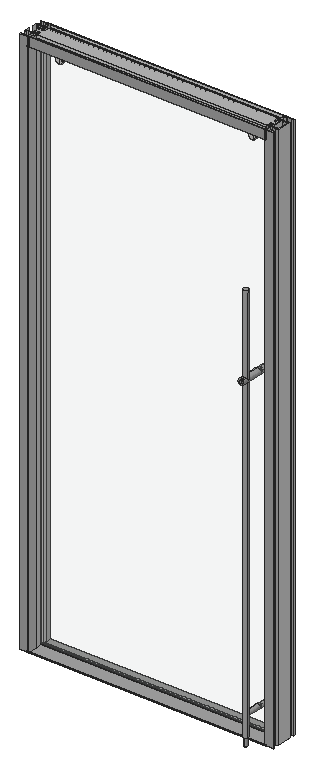
Revit family "Doors_Sliding_Avanti_Systems_Cloud-Eclipse-Sliding-Glass-Pocket-Doors_Solid-wall", category Doors, host Wall, Revit 2022 (continued)
Definition of nested family "Handle"
  Definition of nested family "Hinged Framed Swing locker"
    Automatic sketch dimensions
      plane 25 to Extrusion 13 sketch curve = 0.32895"
      Extrusion 13 sketch curve to Extrusion 13 sketch curve = 0.14346"
      plane 25 to Extrusion 13 sketch curve = 0.11187"
      plane 3 "Center (Left/Right)" to Extrusion 13 sketch curve = 0.28149"
      plane 27 to Extrusion 14 sketch curve = 1.04735"
      Extrusion 14 sketch curve to plane 26 = 0.06323"
      Extrusion 14 sketch curve to plane 26 = 0.05213"
      Extrusion 14 sketch curve to plane 16 = 0.02652"
      Extrusion 14 sketch curve to Extrusion 14 sketch curve = 0.09753"
      Extrusion 14 sketch curve to Extrusion 14 sketch curve = 0.1137"
      plane 24 to curve 1 = 5/256"
      plane 25 to curve 1 = 0.32895"
      plane 3 "Center (Left/Right)" to curve 1 = 91/256"
      radius of Extrusion 4 sketch curve = 0.63654"
      radius of Extrusion 4 sketch curve = 0.60041"
      radius of Extrusion 5 sketch curve = 0.60041"
      radius of Blend 6 sketch curve = 0.21605"
      radius of Blend 6 sketch curve = 0.19257"
      radius of Extrusion 7 sketch curve = 91/256"
      radius of Extrusion 11 sketch curve = 91/256"
  Definition of nested family "Handle_For-Glass_Rounded_600mm"
    Parameters (values of type "Handle_For-Glass_Rounded_600mm")
      Handle Material [instance] = none
      Handle Height [instance] = 48"  # constant formula
      Default Elevation = 48"
    Reference planes (in)
      plane 1 "Center (Front/Back)": y = 0
      plane 2: z = 26.93599
      plane 3 "Center (Left/Right)": x = 0
      plane 4: z = 0
      plane 5: z = -2.66749
      plane 6: y = -28.44876
      plane 7: y = 14.63423
      plane 8: y = -33.36577
    Forms (in)
      Sweep 1, solid, material <- "Handle Material"
        path origin (0, -17.24158, 0) x (0, 0, 1) y (0, -1, 0)
          loop
            line (-2.10925, 11.20718) -> (0, 11.20718)
        profile origin (0, -28.44876, 0) x (0, -1, 0) y (1, 0, 0)
          loop
            circle (0, 0) r 0.3125
      Sweep 2, solid, material <- "Handle Material"
        path origin (0, 10.76459, 0) x (0, 0, 1) y (0, -1, 0)
          loop
            line (-2.30394, 1.07019) -> (0, 1.07019)
        profile origin (0, 9.69441, 0) x (0, -1, 0) y (1, 0, 0)
          loop
            circle (0, 0) r 0.3125
      Extrusion 3, solid, material <- "Handle Material"
        sketch origin (0, -17.24158, 0) x (1, 0, 0) y (0, 0, -1)
          loop
            circle (0, 2.27257) r 0.39445
        from -16.12419 to 31.87581
    Dimensions and locks (in)
      locked: plane 8 to plane 6 at 4.91701
      "Handle Height": plane 7 to plane 8
      aligned and locked: plane 7 to Extrusion 3
      aligned and locked: Extrusion 3 to plane 8
  Definition of nested family "Handle_For-Glass_Rounded_60in"
    Parameters (values of type "60"")
      No locker [instance] = yes
      Locker [instance] = yes
      Handle Material [instance] = none
      Handle Height [instance] = 60"  # constant formula
      Default Elevation = 0"
    Reference planes (in)
      plane 1 "Center (Front/Back)": y = 0
      plane 2: z = 19.87581
      plane 3 "Center (Left/Right)": x = 0
      plane 4: z = 2.66749
      plane 5: y = -36.97039
      plane 6: z = 0
      plane 7: y = 20.02961
      plane 8: y = -39.97039
    Forms (in)
      Sweep 1, solid, material <- "Handle Material"
        path origin (0, -11.8462, 0) x (0, 0, -1) y (0, 1, 0)
          loop
            line (-2.10925, -25.12419) -> (0, -25.12419)
        profile origin (0, -36.97039, 0) x (1, 0, 0) y (0, 1, 0)
          loop
            circle (0, 0) r 0.3125
      Sweep 2, solid, material <- "Handle Material"
        path origin (0, 16.15997, 0) x (0, 0, -1) y (0, 1, 0)
          loop
            line (-3.10757, -8.13036) -> (0, -8.13036)
        profile origin (0, 8.02961, 0) x (1, 0, 0) y (0, 1, 0)
          loop
            circle (0, 0) r 0.4375
      Extrusion 3, solid, material <- "Handle Material"
        sketch origin (0, -11.8462, 0) x (1, 0, 0) y (0, 0, -1)
          loop
            circle (0, -2.27257) r 0.39445
        from -28.12419 to 31.87581
      Revolve 4, solid, material <- "Handle Material"
        sketch origin (0, -11.8462, 0) x (0, 0, -1) y (0, 1, 0)
          loop
            line (-3.10757, 20.0489) -> (-3.19084, 20.0489) -> (-3.19084, 19.87581) -> (-3.10757, 19.87581) -> (-3.10757, 20.0489)
          axis (-3.10757, 19.87581) -> (-3.19084, 19.87581)
        angle from 0 to 360
      Extrusion 5, solid, material <- "Handle Material", visible <- "Locker"
        sketch origin (0, -11.8462, 0) x (0, 0, -1) y (0, 1, 0)
          loop
            line (-3.19084, 19.98905) -> (-3.34908, 19.98905)
            arc (-3.34908, 19.98905) -> (-3.37904, 19.97664) -> (-3.39145, 19.94668) r 0.04237
            line (-3.39145, 19.94668) -> (-3.39145, 19.80495)
            arc (-3.39145, 19.80495) -> (-3.37904, 19.77499) -> (-3.34908, 19.76258) r 0.04237
            line (-3.34908, 19.76258) -> (-3.19084, 19.76258) -> (-3.19084, 19.98905)
        from -0.03592 to 0.03621
      Revolve 6, solid, material <- "Handle Material", visible <- "No locker"
        sketch origin (0, -11.62359, 0) x (0, 0, -1) y (0, 1, 0)
          loop
            line (-3.10757, 20.0489) -> (-3.20833, 20.0489) -> (-3.20833, 19.87581) -> (-3.10757, 19.87581) -> (-3.10757, 20.0489)
          axis (-3.10757, 19.87581) -> (-3.20833, 19.87581)
        angle from 0 to 360
      Revolve 7, solid, material <- "Handle Material", visible <- "Locker"
        sketch origin (0, -11.8462, 0) x (0, 0, -1) y (0, 1, 0)
          loop
            line (-2.27257, -28.12419) -> (-2.50833, -28.12419) -> (-2.50833, -29.32199) -> (-2.41048, -29.49919) -> (-2.27257, -29.49919) -> (-2.27257, -28.12419)
          axis (-2.27257, -28.12419) -> (-2.27257, -29.49919)
        angle from 0 to 360
    Lines and regions (in)
      reference lines
        curve 1: line (0, -40.47039, 2.66749) -> (0, -40.47039, 0)
    Dimensions and locks (in)
      locked: plane 8 to plane 5 at 3
      "Handle Height": plane 7 to plane 8
      aligned and locked: Extrusion 3 to plane 7
      aligned and locked: Extrusion 3 to plane 8
      aligned and locked: Sweep 1 sketch curve to plane 5
  Definition of nested family "Handle_For-Glass_Rounded_60in2"
    Parameters (values of type "60"")
      No locker [instance] = yes
      Locker [instance] = yes
      Handle Material [instance] = none
      Handle Height [instance] = 60"  # constant formula
      Default Elevation = 0"
    Reference planes (in)
      plane 1 "Center (Front/Back)": y = 0
      plane 2: z = 19.87581
      plane 3 "Center (Left/Right)": x = 0
      plane 4: y = -36.97039
      plane 5: z = 0
      plane 6: y = 20.02961
      plane 7: y = -39.97039
      plane 8: z = -2.66749
    Forms (in)
      Sweep 1, solid, material <- "Handle Material"
        path origin (0, -11.8462, 0) x (0, 0, 1) y (0, 1, 0)
          loop
            line (-2.10925, -25.12419) -> (0, -25.12419)
        profile origin (0, -36.97039, 0) x (0, -1, 0) y (1, 0, 0)
          loop
            circle (0, 0) r 0.3125
      Sweep 2, solid, material <- "Handle Material"
        path origin (0, 16.15997, 0) x (0, 0, 1) y (0, 1, 0)
          loop
            line (-3.10757, -8.13036) -> (0, -8.13036)
        profile origin (0, 8.02961, 0) x (0, -1, 0) y (1, 0, 0)
          loop
            circle (0, 0) r 0.4375
      Extrusion 3, solid, material <- "Handle Material"
        sketch origin (0, -11.8462, 0) x (1, 0, 0) y (0, 0, -1)
          loop
            circle (0, 2.27257) r 0.39445
        from -28.12419 to 31.87581
      Revolve 4, solid, material <- "Handle Material"
        sketch origin (0, -11.8462, 0) x (0, 0, 1) y (0, 1, 0)
          loop
            line (-3.10757, 20.0489) -> (-3.19084, 20.0489) -> (-3.19084, 19.87581) -> (-3.10757, 19.87581) -> (-3.10757, 20.0489)
          axis (-3.10757, 19.87581) -> (-3.19084, 19.87581)
        angle from 0 to 360
      Extrusion 5, solid, material <- "Handle Material", visible <- "Locker"
        sketch origin (0, -11.8462, 0) x (0, 0, 1) y (0, -1, 0)
          loop
            line (-3.19084, -19.98905) -> (-3.19084, -19.76258) -> (-3.34908, -19.76258)
            arc (-3.34908, -19.76258) -> (-3.37904, -19.77499) -> (-3.39145, -19.80495) r 0.04237
            line (-3.39145, -19.80495) -> (-3.39145, -19.94668)
            arc (-3.39145, -19.94668) -> (-3.37904, -19.97664) -> (-3.34908, -19.98905) r 0.04237
            line (-3.34908, -19.98905) -> (-3.19084, -19.98905)
        from -0.03592 to 0.03621
      Revolve 6, solid, material <- "Handle Material", visible <- "No locker"
        sketch origin (0, -11.62359, 0) x (0, 0, 1) y (0, 1, 0)
          loop
            line (-3.10757, 20.0489) -> (-3.20833, 20.0489) -> (-3.20833, 19.87581) -> (-3.10757, 19.87581) -> (-3.10757, 20.0489)
          axis (-3.10757, 19.87581) -> (-3.20833, 19.87581)
        angle from 0 to 360
      Revolve 7, solid, material <- "Handle Material", visible <- "Locker"
        sketch origin (0, -11.8462, 0) x (0, 0, 1) y (0, 1, 0)
          loop
            line (-2.27257, -28.12419) -> (-2.50833, -28.12419) -> (-2.50833, -29.32199) -> (-2.41048, -29.49919) -> (-2.27257, -29.49919) -> (-2.27257, -28.12419)
          axis (-2.27257, -28.12419) -> (-2.27257, -29.49919)
        angle from 0 to 360
    Lines and regions (in)
      reference lines
        curve 1: line (0, -40.47039, -2.66749) -> (0, -40.47039, 0)
    Dimensions and locks (in)
      locked: plane 7 to plane 4 at 3
      "Handle Height": plane 6 to plane 7
Definition of nested family "Door Frame Top"
  Parameters (values of type "Family6")
    Thicness = 0.40895"
  Reference planes (in)
    plane 1 "Center (Front/Back)": y = 0
    plane 2: z = 0
    plane 3 "Center (Left/Right)": x = 0
  Lines and regions (in)
    model lines, in view "Ref. Level"
      curve 1: line (-0.20447, -2.30717, 0) -> (0.20447, -2.30717, 0)
      curve 2: line (-0.20447, -3.06561, 0) -> (0.20447, -3.06561, 0)
      curve 19: line (-0.22962, -0.81275, 0) -> (-0.27284, -0.81275, 0)
      curve 20: line (-0.27284, -0.81275, 0) -> (-0.27284, -0.48108, 0)
      curve 21: line (-0.27284, -0.48108, 0) -> (-0.52448, -0.54896, 0)
      curve 22: line (-0.52448, -0.54896, 0) -> (-0.52448, -1.49724, 0)
      curve 23: line (-0.52448, -1.49724, 0) -> (-0.27284, -1.56286, 0)
      curve 24: line (-0.27284, -1.56286, 0) -> (-0.27284, -1.34008, 0)
      curve 25: line (-0.27284, -1.34008, 0) -> (-0.22962, -1.34008, 0)
      curve 26: line (0.24634, -1.34008, 0) -> (0.30501, -1.34008, 0)
      curve 27: line (0.30501, -1.34008, 0) -> (0.30501, -1.56286, 0)
      curve 28: line (0.30501, -1.56286, 0) -> (0.53753, -1.49724, 0)
      curve 29: line (0.53753, -1.49724, 0) -> (0.53753, -0.53073, 0)
      curve 30: line (0.53753, -0.53073, 0) -> (0.30501, -0.48414, 0)
      curve 31: line (0.30501, -0.48414, 0) -> (0.30501, -0.81275, 0)
      curve 32: line (0.30501, -0.81275, 0) -> (0.24634, -0.81275, 0)
      curve 33: line (-0.27284, -0.81275, 0) -> (-0.27284, -1.34008, 0)
      curve 34: line (0.30501, -0.81275, 0) -> (0.30501, -1.34008, 0)
      curve 35: line (0.09462, -2.30717, 0) -> (0.09462, -1.13755, 0)
      curve 36: line (0.09462, -1.0244, 0) -> (0.09462, -0.51808, 0)
      curve 37: line (-0.08847, -2.30717, 0) -> (-0.08847, -1.13755, 0)
      curve 38: line (-0.08847, -1.0244, 0) -> (-0.08847, -0.51808, 0)
      curve 39: arc (1.87632, -0.00189, 0) -> (1.86415, -0.00603, 0) -> (1.857, -0.01672, 0) r 0.02
      curve 40: arc (2.01041, -0.02189, 0) -> (2.00456, -0.00775, 0) -> (1.99041, -0.00189, 0) r 0.02
      curve 41: arc (1.99824, -1.30307, 0) -> (2.00709, -1.2957, 0) -> (2.01041, -1.28466, 0) r 0.02
      curve 42: arc (1.93041, -1.08302, 0) -> (1.94456, -1.07716, 0) -> (1.95041, -1.06302, 0) r 0.02
      curve 43: arc (1.93824, -1.26339, 0) -> (1.94709, -1.25602, 0) -> (1.95041, -1.24498, 0) r 0.02
      curve 44: arc (1.95041, -0.34496, 0) -> (1.94628, -0.33278, 0) -> (1.93559, -0.32564, 0) r 0.02
      curve 45: arc (1.79021, -0.26598, 0) -> (1.79221, -0.28116, 0) -> (1.80436, -0.29048, 0) r 0.02
      curve 46: arc (1.13647, -0.29048, 0) -> (1.14861, -0.28116, 0) -> (1.15061, -0.26598, 0) r 0.02
      curve 47: arc (1.08332, -0.01482, 0) -> (1.07617, -0.00413, 0) -> (1.064, 0, 0) r 0.02
      curve 48: arc (1.13647, -0.29048, 0) -> (1.14861, -0.28116, 0) -> (1.15061, -0.26598, 0) r 0.02
      curve 49: arc (1.02494, -0.32036, 0) -> (1.00399, -0.33409, 0) -> (0.99531, -0.35759, 0) r 0.04
      curve 50: arc (0.99531, -0.35759, 0) -> (0.99671, -0.36566, 0) -> (1.00122, -0.37249, 0) r 0.02
      curve 51: arc (0.93029, -0.27603, 0) -> (0.95785, -0.24854, 0) -> (0.93029, -0.22104, 0) r 0.0275
      curve 52: arc (0.91868, -0.27603, 0) -> (0.90849, -0.27882, 0) -> (0.90114, -0.28641, 0) r 0.02
      curve 53: arc (0.77041, -1.68025, 0) -> (0.78456, -1.67439, 0) -> (0.79041, -1.66025, 0) r 0.02
      curve 54: arc (0.85041, -1.66025, 0) -> (0.85627, -1.67439, 0) -> (0.87041, -1.68025, 0) r 0.02
      curve 55: arc (1.95041, -1.16302, 0) -> (1.94456, -1.14888, 0) -> (1.93041, -1.14302, 0) r 0.02
      curve 56: arc (1.10343, -1.06302, 0) -> (1.10929, -1.07716, 0) -> (1.12343, -1.08302, 0) r 0.02
      curve 57: arc (0.96942, -1.23854, 0) -> (0.86876, -1.16134, 0) -> (0.94544, -1.2624, 0) r 0.064
      curve 58: arc (0.87645, -1.32492, 0) -> (0.92681, -1.33004, 0) -> (0.97501, -1.31461, 0) r 0.124
      curve 59: arc (1.02148, -1.26838, 0) -> (1.0372, -1.21985, 0) -> (1.03206, -1.16909, 0) r 0.124
      curve 60: arc (0.82787, -1.11741, 0) -> (0.7977, -1.16343, 0) -> (0.79041, -1.21798, 0) r 0.124
      curve 61: arc (0.82787, -1.11741, 0) -> (0.83254, -1.09552, 0) -> (0.814, -1.083, 0) r 0.02
      curve 62: arc (1.05111, -1.14302, 0) -> (1.03497, -1.15122, 0) -> (1.03206, -1.16909, 0) r 0.02
      curve 63: arc (0.87645, -1.32492, 0) -> (0.8586, -1.32785, 0) -> (0.85041, -1.34399, 0) r 0.02
      curve 64: arc (1.10343, -0.53267, 0) -> (1.09757, -0.51853, 0) -> (1.08343, -0.51267, 0) r 0.02
      curve 65: arc (0.94544, -0.51623, 0) -> (0.96959, -0.429, 0) -> (0.88236, -0.40485, 0) r 0.064
      curve 66: arc (0.85838, -0.42871, 0) -> (0.86853, -0.50567, 0) -> (0.94544, -0.51623, 0) r 0.064
      curve 67: arc (1.03477, -0.48821, 0) -> (1.03299, -0.426, 0) -> (1.00122, -0.37249, 0) r 0.124
      curve 68: arc (1.03477, -0.48821, 0) -> (1.03863, -0.50514, 0) -> (1.05427, -0.51267, 0) r 0.02
      curve 69: arc (0.80632, -0.39887, 0) -> (0.80584, -0.52135, 0) -> (0.91079, -0.5845, 0) r 0.124
      curve 70: arc (0.93029, -0.60449, 0) -> (0.92461, -0.59053, 0) -> (0.91079, -0.5845, 0) r 0.02
      curve 71: arc (1.29509, -1.39822, 0) -> (1.31234, -1.52389, 0) -> (1.32892, -1.39813, 0) r 0.064
      curve 72: arc (1.27909, -1.34039, 0) -> (1.19346, -1.42406, 0) -> (1.21848, -1.54113, 0) r 0.124
      curve 73: arc (1.2112, -1.57263, 0) -> (1.22286, -1.55873, 0) -> (1.21848, -1.54113, 0) r 0.02
      curve 74: arc (1.43567, -1.44875, 0) -> (1.40717, -1.3802, 0) -> (1.34463, -1.34022, 0) r 0.124
      curve 75: arc (1.43567, -1.44875, 0) -> (1.44532, -1.46411, 0) -> (1.46342, -1.46535, 0) r 0.02
      curve 76: arc (0.96634, -1.74025, 0) -> (0.97033, -1.73985, 0) -> (0.97416, -1.73866, 0) r 0.02
      curve 77: arc (0.95411, -1.68025, 0) -> (0.9581, -1.67985, 0) -> (0.96193, -1.67866, 0) r 0.02
      curve 78: arc (-0.90946, -1.00271, 0) -> (-0.9036, -1.01685, 0) -> (-0.88946, -1.02271, 0) r 0.02
      curve 79: arc (-1.83618, -0.01672, 0) -> (-1.84332, -0.00603, 0) -> (-1.8555, -0.00189, 0) r 0.02
      curve 80: arc (-1.96959, -0.00189, 0) -> (-1.98373, -0.00775, 0) -> (-1.98959, -0.02189, 0) r 0.02
      curve 81: arc (-1.98959, -1.28466, 0) -> (-1.98627, -1.2957, 0) -> (-1.97742, -1.30307, 0) r 0.02
      curve 82: arc (-1.92959, -1.06302, 0) -> (-1.92373, -1.07716, 0) -> (-1.90959, -1.08302, 0) r 0.02
      curve 83: arc (-1.92959, -1.24498, 0) -> (-1.92627, -1.25602, 0) -> (-1.91742, -1.26339, 0) r 0.02
      curve 84: arc (-1.91476, -0.32564, 0) -> (-1.92545, -0.33278, 0) -> (-1.92959, -0.34496, 0) r 0.02
      curve 85: arc (-1.78353, -0.29048, 0) -> (-1.77139, -0.28116, 0) -> (-1.76939, -0.26598, 0) r 0.02
      curve 86: arc (-1.12979, -0.26598, 0) -> (-1.12779, -0.28116, 0) -> (-1.11564, -0.29048, 0) r 0.02
      curve 87: arc (-1.04317, 0, 0) -> (-1.05535, -0.00413, 0) -> (-1.06249, -0.01482, 0) r 0.02
      curve 88: arc (-1.12979, -0.26598, 0) -> (-1.12779, -0.28116, 0) -> (-1.11564, -0.29048, 0) r 0.02
      curve 89: arc (-0.97449, -0.35759, 0) -> (-0.98316, -0.33409, 0) -> (-1.00411, -0.32036, 0) r 0.04
      curve 90: arc (-0.98039, -0.37249, 0) -> (-0.97588, -0.36566, 0) -> (-0.97449, -0.35759, 0) r 0.02
      curve 91: arc (-0.90946, -0.22104, 0) -> (-0.93703, -0.24854, 0) -> (-0.90946, -0.27603, 0) r 0.0275
      curve 92: arc (-0.88031, -0.28641, 0) -> (-0.88766, -0.27882, 0) -> (-0.89785, -0.27603, 0) r 0.02
      curve 93: arc (-1.90959, -1.14302, 0) -> (-1.92373, -1.14888, 0) -> (-1.92959, -1.16302, 0) r 0.02
      curve 94: arc (-1.1026, -1.08302, 0) -> (-1.08846, -1.07716, 0) -> (-1.0826, -1.06302, 0) r 0.02
      curve 95: arc (-0.92461, -1.2624, 0) -> (-0.84794, -1.16134, 0) -> (-0.9486, -1.23854, 0) r 0.064
      curve 96: arc (-0.95418, -1.31461, 0) -> (-0.90598, -1.33004, 0) -> (-0.85563, -1.32492, 0) r 0.124
      curve 97: arc (-1.01123, -1.16909, 0) -> (-1.01638, -1.21985, 0) -> (-1.00065, -1.26838, 0) r 0.124
      curve 98: arc (-0.76959, -1.21798, 0) -> (-0.77693, -1.16327, 0) -> (-0.80729, -1.11717, 0) r 0.124
      curve 99: arc (-0.79261, -1.08274, 0) -> (-0.81185, -1.09488, 0) -> (-0.80729, -1.11717, 0) r 0.02
      curve 100: arc (-1.01123, -1.16909, 0) -> (-1.01414, -1.15122, 0) -> (-1.03029, -1.14302, 0) r 0.02
      curve 101: arc (-0.82959, -1.34399, 0) -> (-0.83777, -1.32785, 0) -> (-0.85563, -1.32492, 0) r 0.02
      curve 102: arc (-1.0626, -0.51267, 0) -> (-1.07674, -0.51853, 0) -> (-1.0826, -0.53267, 0) r 0.02
      curve 103: arc (-0.86153, -0.40485, 0) -> (-0.94876, -0.429, 0) -> (-0.92461, -0.51623, 0) r 0.064
      curve 104: arc (-0.92461, -0.51623, 0) -> (-0.8477, -0.50567, 0) -> (-0.83755, -0.42871, 0) r 0.064
      curve 105: arc (-0.98039, -0.37249, 0) -> (-1.01217, -0.426, 0) -> (-1.01395, -0.48821, 0) r 0.124
      curve 106: arc (-1.03344, -0.51267, 0) -> (-1.0178, -0.50514, 0) -> (-1.01395, -0.48821, 0) r 0.02
      curve 107: arc (-0.88996, -0.5845, 0) -> (-0.78501, -0.52135, 0) -> (-0.7855, -0.39887, 0) r 0.124
      curve 108: arc (-0.88996, -0.5845, 0) -> (-0.90378, -0.59053, 0) -> (-0.90946, -0.60449, 0) r 0.02
      curve 109: arc (-1.3081, -1.39813, 0) -> (-1.29151, -1.52389, 0) -> (-1.27427, -1.39822, 0) r 0.064
      curve 110: arc (-1.19766, -1.54113, 0) -> (-1.17264, -1.42406, 0) -> (-1.25826, -1.34039, 0) r 0.124
      curve 111: arc (-1.19766, -1.54113, 0) -> (-1.20203, -1.55873, 0) -> (-1.19037, -1.57263, 0) r 0.02
      curve 112: arc (-1.3238, -1.34022, 0) -> (-1.38635, -1.3802, 0) -> (-1.41484, -1.44875, 0) r 0.124
      curve 113: arc (-1.44259, -1.46535, 0) -> (-1.42449, -1.46411, 0) -> (-1.41484, -1.44875, 0) r 0.02
      curve 114: arc (-0.95334, -1.73866, 0) -> (-0.9495, -1.73985, 0) -> (-0.94551, -1.74025, 0) r 0.02
      curve 115: arc (-0.76959, -1.66025, 0) -> (-0.76373, -1.67439, 0) -> (-0.74959, -1.68025, 0) r 0.02
      curve 116: arc (-0.84959, -1.68025, 0) -> (-0.83544, -1.67439, 0) -> (-0.82959, -1.66025, 0) r 0.02
      curve 117: arc (-0.94111, -1.67866, 0) -> (-0.93727, -1.67985, 0) -> (-0.93328, -1.68025, 0) r 0.02
      curve 118: arc (-0.88946, -0.06383, 0) -> (-0.9036, -0.06969, 0) -> (-0.90946, -0.08383, 0) r 0.02
      curve 119: arc (0.93029, -0.08383, 0) -> (0.92443, -0.06969, 0) -> (0.91029, -0.06383, 0) r 0.02
      curve 120: arc (0.91029, -1.02302, 0) -> (0.92443, -1.01716, 0) -> (0.93029, -1.00302, 0) r 0.02
      curve 121: line (0.93029, -1.00302, 0) -> (0.93029, -0.60449, 0)
      curve 122: line (0.93029, -0.08383, 0) -> (0.93029, -0.22104, 0)
      curve 123: line (0.93029, -0.22104, 0) -> (0.93029, -0.1406, 0)
      curve 124: line (1.95041, -0.42836, 0) -> (1.95041, -0.3603, 0)
      curve 125: line (1.87632, -0.00189, 0) -> (1.99041, -0.00189, 0)
      curve 126: line (2.01041, -0.02189, 0) -> (2.01041, -1.28466, 0)
      curve 127: line (1.95041, -0.34496, 0) -> (1.95041, -1.06302, 0)
      curve 128: line (1.95041, -1.16302, 0) -> (1.95041, -1.24498, 0)
      curve 129: line (1.79021, -0.26598, 0) -> (1.81613, -0.16925, 0)
      curve 130: line (1.81613, -0.16925, 0) -> (1.8566, -0.18024, 0)
      curve 131: line (1.8566, -0.18024, 0) -> (1.84108, -0.2382, 0)
      curve 132: line (1.84108, -0.2382, 0) -> (1.90096, -0.25424, 0)
      curve 133: line (1.90096, -0.25424, 0) -> (1.9579, -0.04174, 0)
      curve 134: line (1.9579, -0.04174, 0) -> (1.89802, -0.02569, 0)
      curve 135: line (1.89802, -0.02569, 0) -> (1.88249, -0.08365, 0)
      curve 136: line (1.88249, -0.08365, 0) -> (1.84198, -0.0728, 0)
      curve 137: line (1.84198, -0.0728, 0) -> (1.857, -0.01672, 0)
      curve 138: line (1.93559, -0.32564, 0) -> (1.80436, -0.29048, 0)
      curve 139: line (1.15061, -0.26598, 0) -> (1.12469, -0.16925, 0)
      curve 140: line (1.08332, -0.01482, 0) -> (1.09885, -0.0728, 0)
      curve 141: line (1.09885, -0.0728, 0) -> (1.05834, -0.08365, 0)
      curve 142: line (1.05834, -0.08365, 0) -> (1.04281, -0.02569, 0)
      curve 143: line (1.04281, -0.02569, 0) -> (0.98292, -0.04174, 0)
      curve 144: line (0.98292, -0.04174, 0) -> (1.03986, -0.25424, 0)
      curve 145: line (1.03986, -0.25424, 0) -> (1.09975, -0.2382, 0)
      curve 146: line (1.09975, -0.2382, 0) -> (1.08422, -0.18024, 0)
      curve 147: line (1.08422, -0.18024, 0) -> (1.12469, -0.16925, 0)
      curve 148: line (1.02494, -0.32036, 0) -> (1.13647, -0.29048, 0)
      curve 149: line (0.95029, 0, 0) -> (1.064, 0, 0)
      curve 150: line (0.93029, -0.27603, 0) -> (0.91868, -0.27603, 0)
      curve 151: line (0.79041, -1.19544, 0) -> (0.79041, -1.66025, 0)
      curve 152: line (0.85041, -1.34399, 0) -> (0.85041, -1.66025, 0)
      curve 153: line (1.93041, -1.14302, 0) -> (1.05111, -1.14302, 0)
      curve 154: line (1.93041, -1.08302, 0) -> (1.32794, -1.08302, 0)
      curve 155: line (1.32794, -1.08302, 0) -> (1.31217, -1.09897, 0)
      curve 156: line (1.31217, -1.09897, 0) -> (1.2964, -1.08302, 0)
      curve 157: line (1.2964, -1.08302, 0) -> (1.12343, -1.08302, 0)
      curve 158: line (1.10343, -1.00311, 0) -> (1.06343, -1.00311, 0)
      curve 159: line (1.06343, -1.00311, 0) -> (1.05943, -1.08302, 0)
      curve 160: line (1.05943, -1.08302, 0) -> (0.99943, -1.08302, 0)
      curve 161: line (0.99943, -1.08302, 0) -> (0.99943, -0.57267, 0)
      curve 162: line (0.99943, -0.57267, 0) -> (1.06343, -0.57667, 0)
      curve 163: line (1.06343, -0.57667, 0) -> (1.06343, -0.65267, 0)
      curve 164: line (1.10343, -0.53267, 0) -> (1.10343, -0.65267, 0)
      curve 165: line (1.10343, -0.65267, 0) -> (1.06343, -0.65267, 0)
      curve 166: line (1.10343, -1.06302, 0) -> (1.10343, -1.00311, 0)
      curve 167: line (1.10343, -1.00311, 0) -> (1.10343, -1.06302, 0)
      curve 168: line (1.08343, -0.51267, 0) -> (1.05427, -0.51267, 0)
      curve 169: line (0.96942, -1.23854, 0) -> (1.02148, -1.26838, 0)
      curve 170: line (0.94544, -1.2624, 0) -> (0.97501, -1.31461, 0)
      curve 171: line (0.80632, -0.39887, 0) -> (0.85838, -0.42871, 0)
      curve 172: line (0.90114, -0.28641, 0) -> (0.85279, -0.35264, 0)
      curve 173: line (0.85279, -0.35264, 0) -> (0.88236, -0.40485, 0)
      curve 174: line (1.32892, -1.39813, 0) -> (1.34463, -1.34022, 0)
      curve 175: line (1.29509, -1.39822, 0) -> (1.27909, -1.34039, 0)
      curve 176: line (0.96634, -1.74025, 0) -> (0.71041, -1.74025, 0)
      curve 177: line (0.71041, -1.74025, 0) -> (0.71041, -1.68025, 0)
      curve 178: line (0.71041, -1.68025, 0) -> (0.77041, -1.68025, 0)
      curve 179: line (0.87041, -1.68025, 0) -> (0.95411, -1.68025, 0)
      curve 180: line (0.97416, -1.73866, 0) -> (1.99824, -1.30307, 0)
      curve 181: line (0.96193, -1.67866, 0) -> (1.2112, -1.57263, 0)
      curve 182: line (1.46342, -1.46535, 0) -> (1.93824, -1.26339, 0)
      curve 183: line (-0.90946, -1.00271, 0) -> (-0.90946, -0.60449, 0)
      curve 184: line (-0.90946, -0.08383, 0) -> (-0.90946, -0.22104, 0)
      curve 185: line (-0.90946, -0.22104, 0) -> (-0.90946, -0.1406, 0)
      curve 186: line (-1.92959, -0.42836, 0) -> (-1.92959, -0.3603, 0)
      curve 187: line (-1.8555, -0.00189, 0) -> (-1.96959, -0.00189, 0)
      curve 188: line (-1.98959, -0.02189, 0) -> (-1.98959, -1.28466, 0)
      curve 189: line (0.91029, -1.02302, 0) -> (0.71041, -1.02302, 0)
      curve 190: line (0.71041, -1.02302, 0) -> (0.71041, -1.08299, 0)
      curve 191: line (0.71041, -1.08299, 0) -> (0.814, -1.08299, 0)
      curve 192: line (-0.88946, -1.02271, 0) -> (-0.68959, -1.02271, 0)
      curve 193: line (-0.68959, -1.02271, 0) -> (-0.68959, -1.08274, 0)
      curve 194: line (-0.68959, -1.08274, 0) -> (-0.79261, -1.08274, 0)
      curve 195: line (-0.74959, -1.68025, 0) -> (-0.68959, -1.68025, 0)
      curve 196: line (-0.68959, -1.68025, 0) -> (-0.68959, -1.74025, 0)
      curve 197: line (-0.68959, -1.74025, 0) -> (-0.94551, -1.74025, 0)
      curve 198: line (-1.92959, -0.34496, 0) -> (-1.92959, -1.06302, 0)
      curve 199: line (-1.92959, -1.16302, 0) -> (-1.92959, -1.24498, 0)
      curve 200: line (-1.76939, -0.26598, 0) -> (-1.79531, -0.16925, 0)
      curve 201: line (-1.79531, -0.16925, 0) -> (-1.83578, -0.18024, 0)
      curve 202: line (-1.83578, -0.18024, 0) -> (-1.82025, -0.2382, 0)
      curve 203: line (-1.82025, -0.2382, 0) -> (-1.88014, -0.25424, 0)
      curve 204: line (-1.88014, -0.25424, 0) -> (-1.93708, -0.04174, 0)
      curve 205: line (-1.93708, -0.04174, 0) -> (-1.87719, -0.02569, 0)
      curve 206: line (-1.87719, -0.02569, 0) -> (-1.86166, -0.08365, 0)
      curve 207: line (-1.86166, -0.08365, 0) -> (-1.82115, -0.0728, 0)
      curve 208: line (-1.82115, -0.0728, 0) -> (-1.83618, -0.01672, 0)
      curve 209: line (-1.91476, -0.32564, 0) -> (-1.78353, -0.29048, 0)
      curve 210: line (-1.12979, -0.26598, 0) -> (-1.10387, -0.16925, 0)
      curve 211: line (-1.06249, -0.01482, 0) -> (-1.07802, -0.0728, 0)
      curve 212: line (-1.07802, -0.0728, 0) -> (-1.03751, -0.08365, 0)
      curve 213: line (-1.03751, -0.08365, 0) -> (-1.02198, -0.02569, 0)
      curve 214: line (-1.02198, -0.02569, 0) -> (-0.9621, -0.04174, 0)
      curve 215: line (-0.9621, -0.04174, 0) -> (-1.01904, -0.25424, 0)
      curve 216: line (-1.01904, -0.25424, 0) -> (-1.07892, -0.2382, 0)
      curve 217: line (-1.07892, -0.2382, 0) -> (-1.0634, -0.18024, 0)
      curve 218: line (-1.0634, -0.18024, 0) -> (-1.10387, -0.16925, 0)
      curve 219: line (-1.00411, -0.32036, 0) -> (-1.11564, -0.29048, 0)
      curve 220: line (-0.92946, 0, 0) -> (-1.04317, 0, 0)
      curve 221: line (-0.90946, -0.27603, 0) -> (-0.89785, -0.27603, 0)
      curve 222: line (-0.76959, -1.19544, 0) -> (-0.76959, -1.66025, 0)
      curve 223: line (-0.82959, -1.34399, 0) -> (-0.82959, -1.66025, 0)
      curve 224: line (-1.90959, -1.14302, 0) -> (-1.03029, -1.14302, 0)
      curve 225: line (-1.90959, -1.08302, 0) -> (-1.30711, -1.08302, 0)
      curve 226: line (-1.30711, -1.08302, 0) -> (-1.29134, -1.09897, 0)
      curve 227: line (-1.29134, -1.09897, 0) -> (-1.27558, -1.08302, 0)
      curve 228: line (-1.27558, -1.08302, 0) -> (-1.1026, -1.08302, 0)
      curve 229: line (-1.0826, -1.00311, 0) -> (-1.0426, -1.00311, 0)
      curve 230: line (-1.0426, -1.00311, 0) -> (-1.0386, -1.08302, 0)
      curve 231: line (-1.0386, -1.08302, 0) -> (-0.9786, -1.08302, 0)
      curve 232: line (-0.9786, -1.08302, 0) -> (-0.9786, -0.57267, 0)
      curve 233: line (-0.9786, -0.57267, 0) -> (-1.0426, -0.57667, 0)
      curve 234: line (-1.0426, -0.57667, 0) -> (-1.0426, -0.65267, 0)
      curve 235: line (-1.0826, -0.53267, 0) -> (-1.0826, -0.65267, 0)
      curve 236: line (-1.0826, -0.65267, 0) -> (-1.0426, -0.65267, 0)
      curve 237: line (-1.0826, -1.06302, 0) -> (-1.0826, -1.00311, 0)
      curve 238: line (-1.0826, -1.00311, 0) -> (-1.0826, -1.06302, 0)
      curve 239: line (-1.0626, -0.51267, 0) -> (-1.03344, -0.51267, 0)
      curve 240: line (-0.9486, -1.23854, 0) -> (-1.00065, -1.26838, 0)
      curve 241: line (-0.92461, -1.2624, 0) -> (-0.95418, -1.31461, 0)
      curve 242: line (-0.7855, -0.39887, 0) -> (-0.83755, -0.42871, 0)
      curve 243: line (-0.88031, -0.28641, 0) -> (-0.83197, -0.35264, 0)
      curve 244: line (-0.83197, -0.35264, 0) -> (-0.86153, -0.40485, 0)
      curve 245: line (-1.3081, -1.39813, 0) -> (-1.3238, -1.34022, 0)
      curve 246: line (-1.27427, -1.39822, 0) -> (-1.25826, -1.34039, 0)
      curve 247: line (-0.84959, -1.68025, 0) -> (-0.93328, -1.68025, 0)
      curve 248: line (-0.95334, -1.73866, 0) -> (-1.97742, -1.30307, 0)
      curve 249: line (-0.94111, -1.67866, 0) -> (-1.19037, -1.57263, 0)
      curve 250: line (-1.44259, -1.46535, 0) -> (-1.91742, -1.26339, 0)
      curve 251: line (0.91029, -0.06383, 0) -> (0.62731, -0.06383, 0)
      curve 252: line (0.62731, -0.06383, 0) -> (0.62731, -0.12383, 0)
      curve 253: line (0.62731, -0.12383, 0) -> (0.56731, -0.12383, 0)
      curve 254: line (0.56731, -0.12383, 0) -> (0.56731, -0.06383, 0)
      curve 255: line (0.56731, -0.06383, 0) -> (0.22731, -0.06383, 0)
      curve 256: line (0.22731, -0.06383, 0) -> (0.22731, -0.12383, 0)
      curve 257: line (0.22731, -0.12383, 0) -> (0.16731, -0.12383, 0)
      curve 258: line (0.16731, -0.12383, 0) -> (0.16731, -0.06383, 0)
      curve 259: line (0.16731, -0.06383, 0) -> (-0.14648, -0.06383, 0)
      curve 260: line (-0.14648, -0.06383, 0) -> (-0.14648, -0.12383, 0)
      curve 261: line (-0.88946, -0.06383, 0) -> (-0.60648, -0.06383, 0)
      curve 262: line (-0.60648, -0.06383, 0) -> (-0.60648, -0.12383, 0)
      curve 263: line (-0.60648, -0.12383, 0) -> (-0.54648, -0.12383, 0)
      curve 264: line (-0.54648, -0.12383, 0) -> (-0.54648, -0.06383, 0)
      curve 265: line (-0.20648, -0.06383, 0) -> (-0.54648, -0.06383, 0)
      curve 266: line (-0.54648, -0.06383, 0) -> (-0.20648, -0.06383, 0)
      curve 267: line (-0.20648, -0.06383, 0) -> (-0.20648, -0.12383, 0)
      curve 268: line (-0.20648, -0.12383, 0) -> (-0.14648, -0.12383, 0)
      curve 269: line (0.09462, -1.64221, 0) -> (0.24634, -1.64221, 0)
      curve 270: line (0.24634, -1.64221, 0) -> (0.24634, -1.34008, 0)
      curve 271: line (0.24634, -1.34008, 0) -> (0.24634, -0.81275, 0)
      curve 272: line (0.24634, -0.81275, 0) -> (0.24634, -0.51808, 0)
      curve 273: line (0.24634, -0.51808, 0) -> (-0.22962, -0.51808, 0)
      curve 274: line (-0.22962, -0.51808, 0) -> (-0.22962, -0.81275, 0)
      curve 275: line (-0.22962, -0.81275, 0) -> (-0.22962, -1.64221, 0)
      curve 276: line (-0.22962, -1.64221, 0) -> (-0.08847, -1.64221, 0)
      curve 277: line (-0.22962, -1.0244, 0) -> (0.24634, -1.0244, 0)
      curve 278: line (-0.22962, -1.13755, 0) -> (0.24634, -1.13755, 0)
      curve 279: line (0.95029, 0, 0) -> (-0.92946, 0, 0)
      curve 280: line (0.69489, -0.15813, 0) -> (-0.66511, -0.15813, 0)
      curve 281: line (-0.66511, -0.15813, 0) -> (0.69489, -0.15813, 0)
      curve 282: line (0.69489, -0.15813, 0) -> (0.69489, -1.73293, 0)
      curve 283: line (0.69489, -1.73293, 0) -> (0.29425, -1.73293, 0)
      curve 284: line (0.29425, -1.73293, 0) -> (0.29425, -1.59235, 0)
      curve 285: line (0.29425, -1.59235, 0) -> (0.51624, -1.52897, 0)
      curve 286: line (0.51624, -1.52897, 0) -> (0.57361, -1.51068, 0)
      curve 287: line (0.57361, -1.51068, 0) -> (0.57361, -0.47718, 0)
      curve 288: line (0.57361, -0.47718, 0) -> (0.30224, -0.39096, 0)
      curve 289: line (0.30224, -0.39096, 0) -> (0.30224, -0.28936, 0)
      curve 290: line (0.30224, -0.28936, 0) -> (-0.27007, -0.28936, 0)
      curve 291: line (-0.27007, -0.28936, 0) -> (-0.27007, -0.39096, 0)
      curve 292: line (-0.27007, -0.39096, 0) -> (-0.54394, -0.47718, 0)
      curve 293: line (-0.54394, -0.47718, 0) -> (-0.54394, -1.51068, 0)
      curve 294: line (-0.54394, -1.51068, 0) -> (-0.29227, -1.59235, 0)
      curve 295: line (-0.29227, -1.59235, 0) -> (-0.29227, -1.73293, 0)
      curve 296: line (-0.29227, -1.73293, 0) -> (-0.66511, -1.73293, 0)
      curve 297: line (-0.66511, -1.73293, 0) -> (-0.66511, -0.15813, 0)
    detail lines, in view "Ref. Level"
      curve 3: line (-0.20447, -3.25445, 0) -> (-0.28557, -3.25445, 0)
      curve 4: line (-0.28557, -3.25445, 0) -> (-0.28557, -2.06883, 0)
      curve 5: line (-0.28557, -2.06883, 0) -> (-0.20447, -2.06883, 0)
      curve 6: line (-0.20447, -2.06883, 0) -> (-0.20447, -3.25445, 0)
      curve 7: line (0.28557, -3.25445, 0) -> (0.28557, -2.06883, 0)
      curve 8: line (0.28557, -2.06883, 0) -> (0.20447, -2.06883, 0)
      curve 9: line (0.20447, -2.06883, 0) -> (0.20447, -3.25866, 0)
      curve 10: line (0.20447, -3.25866, 0) -> (0.28557, -3.25445, 0)
    detail lines, in view "Ref. Level", not visible
      curve 11: line (-0.20026, -3.25445, 0) -> (-0.28135, -3.25445, 0)
      curve 12: line (-0.28135, -3.25445, 0) -> (-0.28135, -2.06883, 0)
      curve 13: line (-0.28135, -2.06883, 0) -> (-0.20026, -2.06883, 0)
      curve 14: line (-0.20026, -2.06883, 0) -> (-0.20026, -3.25445, 0)
      curve 15: line (0.28557, -3.25445, 0) -> (0.28557, -2.06883, 0)
      curve 16: line (0.28557, -2.06883, 0) -> (0.20447, -2.06883, 0)
      curve 17: line (0.20447, -2.06883, 0) -> (0.20447, -3.25866, 0)
      curve 18: line (0.20447, -3.25866, 0) -> (0.28557, -3.25445, 0)
  Dimensions and locks (in)
    equal spacing: curve 4, plane 3 "Center (Left/Right)", curve 7
    aligned and locked: curve 279 to plane 1 "Center (Front/Back)"
  Automatic sketch dimensions
    curve 46 to curve 48 = 0"
    curve 57 to curve 58 = 0"  (x3)
    curve 57 to curve 59 = 0"  (x3)
    curve 57 to curve 60 = 0"  (x3)
    curve 65 to curve 66 = 0"  (x2)
    curve 65 to curve 67 = 0"  (x2)
    curve 65 to curve 69 = 0"  (x2)
    curve 71 to curve 72 = 0"  (x2)
    curve 71 to curve 74 = 0"  (x2)
    curve 86 to curve 88 = 0"
    curve 95 to curve 96 = 0"  (x2)
    curve 95 to curve 97 = 0"  (x2)
    curve 95 to curve 98 = 0"  (x2)
    curve 103 to curve 104 = 0"  (x2)
    curve 103 to curve 105 = 0"  (x2)
    curve 103 to curve 107 = 0"  (x2)
    curve 109 to curve 110 = 0"  (x2)
    curve 109 to curve 112 = 0"  (x2)
    plane 1 "Center (Front/Back)" to curve 188 = 0.02189"
    curve 188 to plane 3 "Center (Left/Right)" = 1.98959"
    curve 81 to curve 248 = 0.01217"
    curve 80 to curve 80 = 0.02"
    curve 81 to curve 81 = 1/128"
    plane 1 "Center (Front/Back)" to curve 204 = 0.04174"
    curve 80 to curve 204 = 0.03251"
    curve 81 to curve 199 = 0.04"
    curve 204 to curve 198 = 0.00749"
    curve 199 to curve 250 = 0.01217"
    plane 1 "Center (Front/Back)" to curve 209 = 0.32564"
    curve 198 to curve 209 = 0.01482"
    curve 199 to curve 83 = 0.02"
    curve 82 to curve 82 = 0.02"
    curve 93 to curve 224 = 0.02"
    curve 198 to curve 84 = 0.02"
    plane 1 "Center (Front/Back)" to curve 204 = 0.25424"
    curve 209 to curve 204 = 0.03463"
    plane 1 "Center (Front/Back)" to curve 206 = 0.02569"
    plane 1 "Center (Front/Back)" to curve 207 = 0.08365"
    curve 205 to curve 187 = 0.02169"
    plane 1 "Center (Front/Back)" to curve 208 = 0.01672"
    curve 79 to curve 208 = 0.01932"
    plane 1 "Center (Front/Back)" to curve 201 = 0.18024"
    curve 203 to curve 201 = 0.04436"
    plane 1 "Center (Front/Back)" to curve 201 = 0.16925"
    curve 201 to curve 201 = 0.04047"
    curve 202 to curve 85 = 0.03154"
    plane 1 "Center (Front/Back)" to curve 209 = 0.29048"
    curve 85 to curve 209 = 0.00518"
    plane 1 "Center (Front/Back)" to curve 200 = 0.26598"
    curve 85 to curve 200 = 0.01932"
    curve 250 to curve 250 = 0.47483"
    curve 250 to curve 113 = 1/128"
    curve 113 to curve 245 = 0.11096"
    curve 112 to curve 245 = 0.01571"
    curve 245 to curve 225 = 0.01669"
    curve 109 to curve 109 = 0.01675"
    curve 225 to curve 226 = 0.01577"
    curve 226 to curve 227 = 0.01577"
    curve 109 to curve 246 = 0.03383"
    curve 246 to curve 246 = 0.01601"
    curve 109 to curve 249 = 0.10097"
    curve 111 to curve 111 = 1/128"
    plane 1 "Center (Front/Back)" to curve 210 = 0.26598"
    curve 85 to curve 210 = 0.6396"
    plane 1 "Center (Front/Back)" to curve 219 = 0.29048"
    curve 86 to curve 219 = 0.01414"
    curve 219 to curve 86 = 0.00518"
    plane 1 "Center (Front/Back)" to curve 210 = 0.16925"
    curve 86 to curve 210 = 0.02592"
    curve 227 to curve 94 = 0.17297"
    curve 94 to curve 238 = 0.02"
    curve 86 to curve 235 = 0.03304"
    plane 1 "Center (Front/Back)" to curve 216 = 0.2382"
    curve 86 to curve 216 = 0.03154"
    plane 1 "Center (Front/Back)" to curve 212 = 0.0728"
    curve 210 to curve 212 = 0.02584"
    plane 1 "Center (Front/Back)" to curve 218 = 0.18024"
    curve 210 to curve 218 = 0.04047"
    curve 102 to curve 102 = 0.02"
    plane 1 "Center (Front/Back)" to curve 211 = 0.01482"
    curve 87 to curve 220 = 0.01932"
    curve 235 to curve 234 = 0.04"
    curve 229 to curve 230 = 0.04"
    plane 1 "Center (Front/Back)" to curve 213 = 0.08365"
    curve 102 to curve 239 = 0.02916"
    curve 230 to curve 100 = 0.00831"
    plane 1 "Center (Front/Back)" to curve 214 = 0.02569"
    plane 1 "Center (Front/Back)" to curve 215 = 0.25424"
    curve 215 to curve 89 = 0.00457"
    plane 1 "Center (Front/Back)" to curve 219 = 0.32036"
    curve 89 to curve 219 = 0.01035"
    curve 100 to curve 240 = 0.02964"
    curve 89 to curve 90 = 0.01999"
    curve 97 to curve 241 = 0.04647"
    curve 111 to curve 248 = 0.23703"
    curve 97 to curve 240 = 0.05205"
    curve 248 to curve 114 = 1/128"
    curve 114 to curve 249 = 0.0044"
    curve 117 to curve 117 = 1/128"
    curve 214 to curve 279 = 0.03263"
    curve 95 to curve 241 = 0.02398"
    curve 215 to curve 91 = 0.10951"
    curve 91 to curve 184 = 0.00007"
    curve 91 to curve 221 = 0.00007"
    curve 91 to curve 92 = 0.01161"
    curve 95 to curve 97 = 0.03154"
    curve 232 to curve 105 = 0.08553"
    curve 184 to curve 261 = 0.02"
    curve 183 to curve 108 = 0.02"
    curve 183 to curve 78 = 0.02"
    plane 1 "Center (Front/Back)" to curve 244 = 0.40485"
    curve 104 to curve 244 = 0.03154"
    curve 96 to curve 101 = 0.10459"
    curve 117 to curve 116 = 0.08369"
    plane 1 "Center (Front/Back)" to curve 242 = 0.42871"
    curve 103 to curve 242 = 0.02398"
    plane 1 "Center (Front/Back)" to curve 244 = 0.35264"
    curve 244 to curve 244 = 0.02957"
    curve 116 to curve 223 = 0.02"
    curve 78 to curve 99 = 0.09601"
    curve 99 to curve 194 = 0.00085"
    curve 242 to curve 242 = 0.05205"
    curve 116 to curve 222 = 0.06"
    curve 115 to curve 195 = 0.02"
    curve 115 to curve 195 = 0.06"
    curve 99 to curve 193 = 0.10302"
    curve 118 to curve 297 = 0.22435"
    curve 280 to curve 262 = 0.05863"
    curve 261 to curve 264 = 0.06"
    curve 195 to curve 294 = 0.14565"
    curve 293 to curve 22 = 0.01945"
    curve 22 to curve 294 = 0.23221"
    curve 33 to plane 3 "Center (Left/Right)" = 0.27284"
    curve 20 to curve 290 = 0.00277"
    curve 294 to curve 276 = 0.06265"
    plane 1 "Center (Front/Back)" to curve 267 = 0.06383"
    curve 267 to plane 3 "Center (Left/Right)" = 0.20648"
    curve 267 to curve 260 = 0.06"
    plane 3 "Center (Left/Right)" to curve 257 = 0.16731"
    curve 258 to curve 255 = 0.06"
    plane 3 "Center (Left/Right)" to curve 270 = 0.24634"
    curve 269 to curve 284 = 0.04791"
    curve 272 to curve 288 = 0.0559"
    curve 272 to curve 31 = 0.05866"
    curve 27 to curve 286 = 0.21124"
    curve 30 to curve 29 = 0.23252"
    plane 1 "Center (Front/Back)" to curve 253 = 0.12383"
    curve 289 to curve 253 = 0.26507"
    curve 29 to curve 287 = 0.03608"
    curve 254 to curve 252 = 0.06"
    curve 252 to curve 282 = 0.06758"
    curve 28 to curve 191 = 0.17288"
    curve 282 to curve 177 = 0.01552"
    curve 177 to curve 178 = 0.06"
    curve 53 to curve 151 = 0.02"
    plane 1 "Center (Front/Back)" to curve 171 = 0.39887"
    curve 287 to curve 171 = 0.23272"
    curve 151 to curve 61 = 0.02358"
    curve 53 to curve 152 = 0.06"
    plane 1 "Center (Front/Back)" to curve 172 = 0.35264"
    curve 69 to curve 172 = 0.04647"
    plane 1 "Center (Front/Back)" to curve 171 = 0.42871"
    curve 69 to curve 171 = 0.05205"
    curve 63 to curve 63 = 0.02"
    curve 54 to curve 54 = 0.02"
    plane 1 "Center (Front/Back)" to curve 173 = 0.40485"
    curve 66 to curve 173 = 0.02398"
    curve 66 to curve 70 = 0.05191"
    curve 61 to curve 120 = 0.0963"
    plane 1 "Center (Front/Back)" to curve 119 = 0.08383"
    curve 280 to curve 119 = 0.2154"
    curve 65 to curve 65 = 0.03154"
    curve 60 to curve 59 = 0.12349"
    curve 172 to curve 150 = 0.06588"
    curve 52 to curve 150 = 0.01161"
    curve 123 to curve 51 = 0"
    curve 120 to curve 121 = 0.02"
    curve 51 to curve 51 = 0.00007"
    curve 57 to curve 170 = 0.03154"
    curve 119 to curve 149 = 0.04"
    curve 54 to curve 179 = 0.08369"
    curve 77 to curve 181 = 1/128"
    curve 179 to curve 76 = 0.01223"
    curve 57 to curve 169 = 0.02398"
    curve 76 to curve 180 = 1/128"
    curve 170 to curve 170 = 0.02957"
    plane 1 "Center (Front/Back)" to curve 143 = 0.04174"
    curve 149 to curve 143 = 0.03263"
    curve 121 to curve 161 = 0.06914"
    curve 52 to curve 50 = 0.09662"
    curve 169 to curve 169 = 0.05205"
    plane 1 "Center (Front/Back)" to curve 148 = 0.32036"
    curve 50 to curve 148 = 0.00963"
    curve 50 to curve 49 = 0.01999"
    plane 1 "Center (Front/Back)" to curve 144 = 0.25424"
    curve 49 to curve 144 = 0.01493"
    plane 1 "Center (Front/Back)" to curve 142 = 0.02569"
    curve 160 to curve 62 = 0.05169"
    curve 161 to curve 168 = 0.05484"
    plane 1 "Center (Front/Back)" to curve 142 = 0.08365"
    curve 142 to curve 149 = 0.02119"
    plane 1 "Center (Front/Back)" to curve 140 = 0.01482"
    curve 47 to curve 140 = 0.01932"
    curve 168 to curve 168 = 0.02916"
    plane 1 "Center (Front/Back)" to curve 146 = 0.18024"
    curve 144 to curve 146 = 0.04436"
    curve 158 to curve 158 = 0.04"
    curve 163 to curve 164 = 0.04"
    curve 56 to curve 56 = 0.02"
    plane 1 "Center (Front/Back)" to curve 139 = 0.16925"
    curve 146 to curve 139 = 0.04047"
    curve 145 to curve 46 = 0.03154"
    plane 1 "Center (Front/Back)" to curve 148 = 0.29048"
    curve 46 to curve 148 = 0.00518"
    plane 1 "Center (Front/Back)" to curve 139 = 0.26598"
    curve 46 to curve 139 = 0.01932"
    curve 77 to curve 73 = 0.24926"
    curve 73 to curve 181 = 1/128"
    curve 73 to curve 175 = 0.07571"
    curve 72 to curve 175 = 0.01601"
    curve 56 to curve 157 = 0.17297"
    curve 156 to curve 156 = 0.01577"
    curve 71 to curve 72 = 0.01708"
    curve 155 to curve 155 = 0.01577"
    curve 71 to curve 174 = 0.03383"
    curve 174 to curve 174 = 0.01571"
    curve 174 to curve 75 = 0.12666"
    curve 75 to curve 182 = 1/128"
    plane 1 "Center (Front/Back)" to curve 129 = 0.26598"
    curve 46 to curve 129 = 0.6396"
    plane 1 "Center (Front/Back)" to curve 138 = 0.29048"
    curve 129 to curve 138 = 0.01414"
    curve 45 to curve 45 = 0.00518"
    plane 1 "Center (Front/Back)" to curve 129 = 0.16925"
    curve 45 to curve 129 = 0.02592"
    plane 1 "Center (Front/Back)" to curve 131 = 0.2382"
    curve 45 to curve 131 = 0.03154"
    plane 1 "Center (Front/Back)" to curve 136 = 0.0728"
    curve 129 to curve 136 = 0.02584"
    plane 1 "Center (Front/Back)" to curve 131 = 0.18024"
    curve 129 to curve 131 = 0.04047"
    plane 1 "Center (Front/Back)" to curve 137 = 0.01672"
    curve 137 to curve 39 = 0.01932"
    plane 1 "Center (Front/Back)" to curve 135 = 0.08365"
    plane 1 "Center (Front/Back)" to curve 134 = 0.02569"
    plane 1 "Center (Front/Back)" to curve 132 = 0.25424"
    curve 132 to curve 44 = 0.02945"
    curve 154 to curve 42 = 0.60247"
    curve 153 to curve 42 = 0"
    curve 43 to curve 55 = 0"
    plane 1 "Center (Front/Back)" to curve 138 = 0.32564"
    curve 44 to curve 138 = 0.00518"
    curve 43 to curve 182 = 1/128"
    curve 44 to curve 127 = 0.02"
    curve 43 to curve 128 = 0.02"
    curve 133 to curve 40 = 0.03251"
    curve 128 to curve 41 = 0.04"
    curve 41 to curve 180 = 1/128"
    curve 40 to curve 126 = 0.02"
    curve 287 to curve 171 = 0.07832"
    curve 292 to curve 242 = 0.04848"
    curve 20 to curve 292 = 1/256"
    curve 31 to curve 287 = 0.00696"
    curve 68 to curve 65 = 0.03214"
    curve 106 to curve 103 = 0.03214"
    curve 168 to curve 68 = 0.02"
    curve 239 to curve 106 = 0.02"
    curve 273 to curve 20 = 0.037"
    curve 29 to curve 287 = 0.05355"
    curve 21 to curve 292 = 0.07177"
    curve 232 to curve 106 = 0.06"
    curve 161 to curve 68 = 0.06"
    curve 162 to curve 64 = 0.044"
    curve 234 to curve 102 = 0.044"
    curve 234 to curve 233 = 0.076"
    curve 19 to curve 273 = 0.29467"
    curve 31 to curve 272 = 0.29467"
    curve 183 to curve 234 = 0.35004"
    curve 120 to curve 163 = 0.35035"
    curve 238 to curve 78 = 0.0004"
    curve 166 to curve 121 = 0.00009"
    curve 127 to curve 44 = 0.71806"
    curve 166 to curve 158 = 0.05991"
    curve 94 to curve 229 = 0.05991"
    curve 227 to curve 198 = 0.02"
    curve 194 to curve 192 = 0.06003"
    curve 190 to curve 189 = 0.05997"
    curve 227 to curve 227 = 0.01595"
    curve 156 to curve 154 = 0.01595"
    curve 99 to curve 99 = 0.01998"
    curve 61 to curve 191 = 0.02002"
    curve 153 to curve 159 = 0.06"
    curve 224 to curve 230 = 0.06"
    curve 100 to curve 100 = 0.02"
    curve 62 to curve 62 = 0.02"
    curve 58 to curve 61 = 0.10371"
    curve 97 to curve 100 = 0.04369"
    curve 240 to curve 95 = 0.03183"
    curve 169 to curve 57 = 0.03183"
    curve 199 to curve 93 = 0.08196"
    curve 128 to curve 55 = 0.08196"
    curve 240 to curve 240 = 0.02984"
    curve 169 to curve 169 = 0.02984"
    curve 188 to curve 83 = 0.03968"
    curve 126 to curve 128 = 0.03968"
    curve 170 to curve 170 = 0.05221"
    curve 241 to curve 241 = 0.05221"
    curve 26 to curve 32 = 135/256"
    curve 24 to curve 193 = 0.25734"
    curve 174 to curve 155 = 0.24125"
    curve 245 to curve 226 = 0.24125"
    curve 175 to curve 74 = 0.00017"
    curve 246 to curve 112 = 0.00017"
    curve 223 to curve 241 = 0.08159"
    curve 152 to curve 170 = 0.08159"
    curve 174 to curve 74 = 0.05791"
    curve 245 to curve 112 = 0.05791"
    curve 246 to curve 109 = 0.00009"
    curve 175 to curve 71 = 0.00009"
    curve 75 to curve 174 = 0.04882"
    curve 113 to curve 109 = 0.04882"
    curve 182 to curve 75 = 0.0184"
    curve 250 to curve 113 = 0.0184"
    curve 29 to curve 26 = 0.15715"
    curve 23 to curve 33 = 0.15715"
    curve 293 to curve 22 = 0.01344"
    curve 287 to curve 28 = 0.01344"
    curve 285 to curve 28 = 0.03173"
    curve 73 to curve 71 = 0.09433"
    curve 111 to curve 109 = 0.09433"
    curve 28 to curve 285 = 0.03389"
    curve 23 to curve 24 = 0.22278"
    curve 181 to curve 73 = 0.0184"
    curve 249 to curve 111 = 0.0184"
    curve 294 to curve 23 = 0.02949"
    curve 285 to curve 27 = 0.02949"
    curve 276 to curve 294 = 0.04985"
    curve 270 to curve 284 = 0.04985"
    curve 53 to curve 286 = 0.14957"
    curve 53 to curve 77 = 0"
    curve 115 to curve 293 = 0.14957"
    curve 53 to curve 54 = 0"
    curve 223 to curve 115 = 0"
    curve 117 to curve 117 = 0.02"
    curve 114 to curve 247 = 0.04"
    curve 76 to curve 179 = 0.04"
    curve 297 to curve 195 = 0.05268"
    curve 283 to curve 269 = 0.09073"
    curve 248 to curve 114 = 0.0184"
    curve 180 to curve 76 = 0.0184"
    curve 242 to curve 242 = 0.02984"
    curve 30 to curve 289 = 0.09318"
    curve 20 to curve 291 = 0.09011"
    curve 49 to curve 148 = 0.03864"
    curve 89 to curve 219 = 0.03864"
    curve 89 to curve 90 = 0.0007"
    curve 49 to curve 50 = 0.0007"
    curve 172 to curve 52 = 0.05661"
    curve 243 to curve 92 = 0.05661"
    curve 288 to curve 289 = 0.1016"
    curve 52 to curve 150 = 0.02"
    curve 92 to curve 221 = 0.02"
    curve 91 to curve 91 = 0.0275"
    curve 51 to curve 51 = 0.0275"
    curve 280 to curve 264 = 0.0943"
    curve 280 to curve 262 = 0.0343"
    curve 267 to curve 265 = 0.06"
    plane 1 "Center (Front/Back)" to curve 258 = 0.12383"
    curve 184 to curve 214 = 0.04209"
    curve 265 to curve 260 = 0"
    curve 256 to curve 256 = 0.06"
    plane 1 "Center (Front/Back)" to curve 126 = 0.02189"
    curve 186 to curve 84 = 0"
    curve 105 to curve 106 = 0"
    curve 90 to curve 105 = 0"
    curve 103 to curve 103 = 0.03154"
    plane 1 "Center (Front/Back)" to curve 243 = 0.28641"
    curve 98 to curve 99 = 0"
    curve 2 to plane 3 "Center (Left/Right)" = 0.20447"
    curve 1 to plane 3 "Center (Left/Right)" = 0.20447"
    curve 276 to plane 3 "Center (Left/Right)" = 0.08847"
    curve 38 to plane 3 "Center (Left/Right)" = 0.08847"
    plane 3 "Center (Left/Right)" to curve 36 = 0.09462"
    plane 3 "Center (Left/Right)" to curve 269 = 0.09462"
    curve 35 to curve 1 = 0.10985"
    plane 3 "Center (Left/Right)" to curve 2 = 0.20447"
    curve 61 to curve 61 = 0"
    curve 191 to curve 61 = 0"
    curve 61 to curve 61 = 0.01388"
    curve 60 to curve 61 = 0"
    curve 52 to curve 52 = 0.01754"
    curve 65 to curve 66 = 0.03154"
    curve 50 to curve 49 = 0"
    curve 67 to curve 50 = 0"
    curve 124 to curve 44 = 0"
    curve 36 to curve 32 = 0.21165"
    curve 37 to curve 38 = 0.11315"
    curve 37 to curve 295 = 147/256"
    curve 2 to curve 1 = 0.75844"
    curve 186 to curve 84 = 0.0834"
    curve 124 to curve 44 = 0.0834"
    curve 124 to curve 44 = 0.01535"
    curve 186 to curve 84 = 0.01535"
    curve 185 to curve 118 = 0.05676"
    curve 123 to curve 119 = 0.05676"
    curve 94 to curve 231 = 0.044"
    curve 101 to curve 99 = 0.24126"
    curve 160 to curve 159 = 0.06"
    curve 159 to curve 159 = 0.004"
    curve 180 to curve 42 = 0.22005"
    curve 230 to curve 231 = 0.06"
    curve 231 to curve 183 = 0.06914"
    curve 183 to curve 232 = 0.03182"
    curve 121 to curve 161 = 0.03182"
    curve 58 to curve 59 = 0"
    curve 58 to curve 60 = 0"
    curve 59 to curve 60 = 0"
    curve 161 to curve 165 = 0.064"
    curve 152 to curve 62 = 0.18097"
Definition of nested family "Door Frame Left"
  Reference planes (in)
    plane 1 "Center (Front/Back)": y = 0
    plane 2: z = 0
    plane 3 "Center (Left/Right)": x = 0
  Lines and regions (in)
    model lines, in view "Ref. Level"
      curve 1: arc (0.43718, -1.98783, 0) -> (0.44455, -1.99668, 0) -> (0.45559, -2, 0) r 0.02
      curve 2: arc (1.73642, 1.05461, 0) -> (1.73229, 1.06679, 0) -> (1.7216, 1.07393, 0) r 0.02
      curve 3: arc (0, 0.40699, 0) -> (0.00414, 0.39481, 0) -> (0.01483, 0.38767, 0) r 0.02
      curve 4: line (1.56001, 1.84619, 0) -> (1.571, 1.80572, 0)
      curve 5: line (1.56001, 1.07381, 0) -> (1.571, 1.11428, 0)
      curve 6: line (1.73642, 0.93988, 0) -> (1.73642, 1.05461, 0)
      curve 7: line (0.17835, -0.38459, 0) -> (0.16736, -0.34412, 0)
      curve 8: line (0.17641, 0.38779, 0) -> (0.16542, 0.34732, 0)
      curve 9: line (0, 0.52172, 0) -> (0, 0.40699, 0)
      curve 10: arc (1.72353, 1.84659, 0) -> (1.73422, 1.85373, 0) -> (1.73836, 1.86591, 0) r 0.02
      curve 11: arc (1.73836, 1.98, 0) -> (1.7325, 1.99414, 0) -> (1.71836, 2, 0) r 0.02
      curve 12: arc (0.45559, 2, 0) -> (0.44455, 1.99668, 0) -> (0.43718, 1.98783, 0) r 0.02
      curve 13: arc (0.67723, 1.94, 0) -> (0.66309, 1.93414, 0) -> (0.65723, 1.92, 0) r 0.02
      curve 14: arc (0.49527, 1.94, 0) -> (0.48424, 1.93668, 0) -> (0.47686, 1.92783, 0) r 0.02
      curve 15: arc (1.41461, 1.92518, 0) -> (1.40747, 1.93587, 0) -> (1.39529, 1.94, 0) r 0.02
      curve 16: arc (1.44978, 1.79394, 0) -> (1.4591, 1.7818, 0) -> (1.47427, 1.7798, 0) r 0.02
      curve 17: arc (1.47427, 1.1402, 0) -> (1.4591, 1.1382, 0) -> (1.44978, 1.12606, 0) r 0.02
      curve 18: arc (1.47427, 1.1402, 0) -> (1.4591, 1.1382, 0) -> (1.44978, 1.12606, 0) r 0.02
      curve 19: arc (1.38266, 0.9849, 0) -> (1.40616, 0.99358, 0) -> (1.41989, 1.01452, 0) r 0.04
      curve 20: arc (1.36776, 0.9908, 0) -> (1.37459, 0.98629, 0) -> (1.38266, 0.9849, 0) r 0.02
      curve 21: arc (1.45291, 1.78868, 0) -> (1.46253, 1.7807, 0) -> (1.47502, 1.78, 0) r 0.02
      curve 22: arc (1.51921, 0.91988, 0) -> (1.49172, 0.94744, 0) -> (1.46422, 0.91988, 0) r 0.0275
      curve 23: arc (1.45384, 0.89073, 0) -> (1.46143, 0.89807, 0) -> (1.46422, 0.90826, 0) r 0.02
      curve 24: arc (0.08, 0.78, 0) -> (0.06586, 0.77414, 0) -> (0.06, 0.76, 0) r 0.02
      curve 25: arc (0.06, 0.86, 0) -> (0.06586, 0.84586, 0) -> (0.08, 0.84, 0) r 0.02
      curve 26: arc (0.59723, 1.92, 0) -> (0.59137, 1.93414, 0) -> (0.57723, 1.94, 0) r 0.02
      curve 27: arc (0.65723, 1.11301, 0) -> (0.66309, 1.09887, 0) -> (0.67723, 1.09301, 0) r 0.02
      curve 28: arc (0.47785, 0.93503, 0) -> (0.57892, 0.85835, 0) -> (0.50171, 0.95901, 0) r 0.064
      curve 29: arc (0.42565, 0.96459, 0) -> (0.41022, 0.91639, 0) -> (0.41533, 0.86604, 0) r 0.124
      curve 30: arc (0.57116, 1.02164, 0) -> (0.52041, 1.02679, 0) -> (0.47187, 1.01106, 0) r 0.124
      curve 31: arc (0.52227, 0.78, 0) -> (0.57682, 0.78728, 0) -> (0.62284, 0.81746, 0) r 0.124
      curve 32: arc (0.65725, 0.80358, 0) -> (0.64473, 0.82213, 0) -> (0.62284, 0.81746, 0) r 0.02
      curve 33: arc (0.57116, 1.02164, 0) -> (0.58904, 1.02455, 0) -> (0.59723, 1.0407, 0) r 0.02
      curve 34: arc (0.39627, 0.84, 0) -> (0.4124, 0.84818, 0) -> (0.41533, 0.86604, 0) r 0.02
      curve 35: arc (1.22758, 1.07301, 0) -> (1.22172, 1.08716, 0) -> (1.20758, 1.09301, 0) r 0.02
      curve 36: arc (1.3354, 0.87195, 0) -> (1.31125, 0.95918, 0) -> (1.22403, 0.93503, 0) r 0.064
      curve 37: arc (1.22403, 0.93503, 0) -> (1.23458, 0.85811, 0) -> (1.31154, 0.84796, 0) r 0.064
      curve 38: arc (1.36776, 0.9908, 0) -> (1.31425, 1.02258, 0) -> (1.25204, 1.02436, 0) r 0.124
      curve 39: arc (1.22758, 1.04386, 0) -> (1.23511, 1.02821, 0) -> (1.25204, 1.02436, 0) r 0.02
      curve 40: arc (1.15575, 0.90038, 0) -> (1.2189, 0.79542, 0) -> (1.34138, 0.79591, 0) r 0.124
      curve 41: arc (1.15575, 0.90038, 0) -> (1.14972, 0.91419, 0) -> (1.13576, 0.91988, 0) r 0.02
